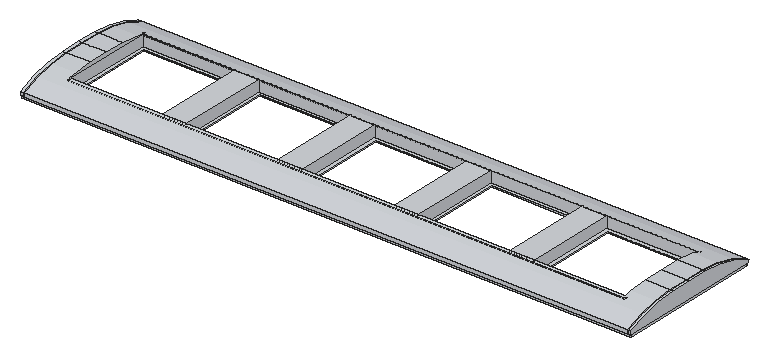
Revit family "Gira_0215736", category Electrical Fixtures, host Face, Revit 2017
Family settings
  Host = Face
  Maintain Annotation Orientation = No
  Round Connector Dimension = Use Diameter
  Part Type = Normal
  Cut with Voids When Loaded = No
  Shared = No
  Room Calculation Point = No
Parameters (values of type "Abdeckrahmen 5f Zwischenr. F Alu Gira Event Klar Schwarz")
  Werkstoffgüte = "Thermoplast"
  Werkstoff = "Kunststoff"
  URL = "http://katalog.gira.de/de_DE/datenblatt.html?artikelnr=0215736"
  Transparent = "No"
  Textfeld/Beschriftungsfläche = "No"
  Schutzart (IP) = "IP20"
  Region = "DE"
  Oberfläche = "sonstige"
  Name = "Abdeckrahmen 5f Zwischenr. F Alu Gira Event Klar Schwarz"
  Montagerichtung = "horizontal und vertikal"
  Mit Montagerahmen = "No"
  Mit Klappdeckel = "No"
  Manufacturer URL = "https://www.gira.de/"
  Keynote = "Event_Rahmen_5fach"
  HeinzeBIM = "https://bimportal.heinze.de/bim/abdeckrahmen-5f-zwischenr-f-alu-gira-event-klar-schwarz/c67b1a8550854e74c14212e53e1ca4b323a30ee5"
  Halogenfrei = "Yes"
  HAN = "0215736"
  Geeignet für Unterputz-Installation = "Yes"
  Geeignet für Unterflurkanaldose = "No"
  Geeignet für Geräteeinbaukanal = "No"
  Geeignet für Einbauinstallation = "No"
  GTIN = "4010337068891"
  Farbe = "schwarz"
  Default Elevation = 1219.2 mm
  Data sheet (1) = "https://katalog.gira.de/de_DE/download.html?artikelnr=0215736"
  Category = "Abdeckrahmen"
  Befestigungsart = "Klemmbefestigung"
  Available = "Yes"
  Ausführung der Oberfläche = "glänzend"
  Anzahl der Einheiten vertikal = "5 "
  Anzahl der Einheiten horizontal = "5 "
  Anzahl der Einheiten = "5 "
Reference planes
  plane 1 "Center (Front/Back)": y = 0
  plane 2: z = 0
  plane 3 "Center (Left/Right)": x = 0
Forms (mm)
  Extrusion 1, solid, detail levels fine
    sketch origin (0, 0, 0.05) x (0, 1, 0) y (0, 0, 1)
      loop
        arc (12.445, 9.683) -> (6.223, 9.833) -> (0, 9.85) r 291.636
        arc (0, 9.85) -> (-6.223, 9.833) -> (-12.445, 9.683) r 291.636
        arc (-12.445, 9.683) -> (-29.14, 7.482) -> (-45, 1.823) r 79.728
        line (-45, 1.823) -> (-45, -0.05) -> (-42.086, -0.05)
        arc (-42.086, -0.05) -> (-21.385, 5.559) -> (0, 7.206) r 114.424
        arc (0, 7.206) -> (21.385, 5.559) -> (42.086, -0.05) r 114.424
        line (42.086, -0.05) -> (45, -0.05) -> (45, 1.823)
        arc (45, 1.823) -> (29.14, 7.482) -> (12.445, 9.683) r 79.728
    from -185.578 to 185.593
  Extrusion 2, void, detail levels fine
    sketch origin (0, 0, 0) x (1, 0, 0) y (0, 1, 0)
      loop
        line (170.607, 28) -> (-170.593, 28) -> (-170.593, -28) -> (170.607, -28) -> (170.607, 28)
    from 0.724 to 11
  Extrusion 3, solid, detail levels coarse
    sketch origin (0, 0, 0) x (1, 0, 0) y (0, 1, 0)
      loop
        line (-187.578, 45) -> (-187.578, -45) -> (187.593, -45) -> (187.593, 45) -> (-187.578, 45)
    from -1.5 to 9.9
  Extrusion 4, solid, detail levels medium
    sketch origin (0, 0, 0.05) x (0, 1, 0) y (0, 0, 1)
      loop
        arc (12.445, 9.683) -> (6.223, 9.833) -> (0, 9.85) r 291.636
        arc (0, 9.85) -> (-6.223, 9.833) -> (-12.445, 9.683) r 291.636
        arc (-12.445, 9.683) -> (-29.14, 7.482) -> (-45, 1.823) r 79.728
        line (-45, 1.823) -> (-45, -0.05) -> (45, -0.05) -> (45, 1.823)
        arc (45, 1.823) -> (29.14, 7.482) -> (12.445, 9.683) r 79.728
    from -187.578 to 187.593
  Extrusion 5, solid, detail levels fine
    sketch origin (-142.578, 0, -1.5) x (0, 1, 0) y (0, 0, -1)
      loop
        line (45, -3.373) -> (45, -1.5) -> (-45, -1.5) -> (-45, -3.373)
        arc (-45, -3.373) -> (-29.14, -9.032) -> (-12.445, -11.233) r 79.728
        arc (-12.445, -11.233) -> (-6.223, -11.383) -> (0, -11.4) r 291.636
        arc (0, -11.4) -> (6.223, -11.383) -> (12.445, -11.233) r 291.636
        arc (12.445, -11.233) -> (29.14, -9.032) -> (45, -3.373) r 79.728
    from 43 to 45
  Extrusion 6, solid, detail levels fine
    sketch origin (0, 0, 0) x (1, 0, 0) y (0, 1, 0)
      loop
        line (-168.493, 25.7) -> (-168.493, -25.7) -> (-116.693, -25.7) -> (-116.693, 25.7) -> (-168.493, 25.7)
      loop
        line (-45.398, -25.7) -> (-45.398, 25.7) -> (-97.198, 25.7) -> (-97.198, -25.7) -> (-45.398, -25.7)
      loop
        line (-171.487, 28.49) -> (-171.487, -28.495)
        spline (-171.487, -28.495) -> (-171.479, -28.625) -> (-171.453, -28.754) -> (-171.411, -28.878) -> (-171.353, -28.995) -> (-171.281, -29.104) -> (-171.194, -29.202) -> (-171.096, -29.288) -> (-170.987, -29.361) -> (-170.87, -29.419) -> (-170.746, -29.461) -> (-170.618, -29.486) -> (-170.487, -29.495)
        line (-170.487, -29.495) -> (170.502, -29.495)
        spline (170.502, -29.495) -> (170.633, -29.486) -> (170.761, -29.461) -> (170.885, -29.419) -> (171.002, -29.361) -> (171.111, -29.288) -> (171.209, -29.202) -> (171.296, -29.104) -> (171.368, -28.995) -> (171.426, -28.878) -> (171.468, -28.754) -> (171.494, -28.625) -> (171.502, -28.495)
        line (171.502, -28.495) -> (171.502, 28.49)
        spline (171.502, 28.49) -> (171.494, 28.62) -> (171.468, 28.748) -> (171.426, 28.872) -> (171.368, 28.99) -> (171.296, 29.098) -> (171.209, 29.197) -> (171.111, 29.283) -> (171.002, 29.356) -> (170.885, 29.413) -> (170.761, 29.456) -> (170.633, 29.481) -> (170.502, 29.49)
        line (170.502, 29.49) -> (-170.487, 29.49)
        spline (-170.487, 29.49) -> (-170.618, 29.481) -> (-170.746, 29.456) -> (-170.87, 29.413) -> (-170.987, 29.356) -> (-171.096, 29.283) -> (-171.194, 29.197) -> (-171.281, 29.098) -> (-171.353, 28.99) -> (-171.411, 28.872) -> (-171.453, 28.748) -> (-171.479, 28.62) -> (-171.487, 28.49)
      loop
        line (25.902, -25.7) -> (25.902, 25.7) -> (-25.898, 25.7) -> (-25.898, -25.7) -> (25.902, -25.7)
      loop
        line (97.207, -25.7) -> (97.207, 25.7) -> (45.407, 25.7) -> (45.407, -25.7) -> (97.207, -25.7)
      loop
        line (168.507, -25.7) -> (168.507, 25.7) -> (116.707, 25.7) -> (116.707, -25.7) -> (168.507, -25.7)
    from 0.1 to 7.3
  Extrusion 7, solid
    sketch origin (0, 0, 0) x (1, 0, 0) y (0, 1, 0)
      loop
        arc (-187.293, -44.218) -> (-187.146, -44.572) -> (-186.793, -44.718) r 0.5
        line (-186.793, -44.718) -> (186.807, -44.718)
        arc (186.807, -44.718) -> (187.161, -44.572) -> (187.307, -44.218) r 0.5
        line (187.307, -44.218) -> (187.307, 44.182)
        arc (187.307, 44.182) -> (187.161, 44.535) -> (186.807, 44.682) r 0.5
        line (186.807, 44.682) -> (-186.793, 44.682)
        arc (-186.793, 44.682) -> (-187.146, 44.535) -> (-187.293, 44.182) r 0.5
        line (-187.293, 44.182) -> (-187.293, -44.218)
      loop
        line (-185.593, 42.982) -> (-185.593, -43.018) -> (185.607, -43.018) -> (185.607, 42.982) -> (-185.593, 42.982)
    from -1.5 to 0.5
  Extrusion 8, solid, detail levels fine
    sketch origin (142.593, 0, -1.5) x (0, 1, 0) y (0, 0, 1)
      loop
        arc (45, 3.373) -> (29.14, 9.032) -> (12.445, 11.233) r 79.728
        arc (12.445, 11.233) -> (6.223, 11.383) -> (0, 11.4) r 291.636
        arc (0, 11.4) -> (-6.223, 11.383) -> (-12.445, 11.233) r 291.636
        arc (-12.445, 11.233) -> (-29.14, 9.032) -> (-45, 3.373) r 79.728
        line (-45, 3.373) -> (-45, 1.5) -> (45, 1.5) -> (45, 3.373)
    from 43 to 45
  Extrusion 9, solid, detail levels medium
    sketch origin (0, 0, 0) x (1, 0, 0) y (0, 1, 0)
      loop
        line (-187.293, -44.718) -> (187.307, -44.718) -> (187.307, 44.682) -> (-187.293, 44.682) -> (-187.293, -44.718)
    from -1.5 to 0.5
  Extrusion 10, solid, detail levels fine
    sketch origin (-105.5, 0, 0) x (1, 0, 0) y (0, 1, 0)
      loop
        line (-8.943, 28.063) -> (-8.943, -27.937) -> (6.057, -27.937) -> (6.057, 28.063) -> (-8.943, 28.063)
    from 0.724 to 7.566
  Extrusion 11, solid, detail levels fine
    sketch origin (-37.085, 0, 0) x (-1, 0, 0) y (0, -1, 0)
      loop
        line (-8.943, -28.063) -> (6.057, -28.063) -> (6.057, 27.937) -> (-8.943, 27.937) -> (-8.943, -28.063)
    from 0.724 to 7.566
  Extrusion 12, solid, detail levels fine
    sketch origin (105.5, 0, 0) x (-1, 0, 0) y (0, -1, 0)
      loop
        line (-8.943, -28.063) -> (6.057, -28.063) -> (6.057, 27.937) -> (-8.943, 27.937) -> (-8.943, -28.063)
    from 0.724 to 7.566
  Extrusion 13, solid, detail levels fine
    sketch origin (37.085, 0, 0) x (1, 0, 0) y (0, 1, 0)
      loop
        line (-8.943, 28.063) -> (-8.943, -27.937) -> (6.057, -27.937) -> (6.057, 28.063) -> (-8.943, 28.063)
    from 0.724 to 7.566
Cuts and joins
  Extrusion 2 cuts Extrusion 1
  Extrusion 2 cuts Extrusion 6
Dimensions and locks
  aligned and locked: plane 2 to host face
  aligned and locked: level to host face
